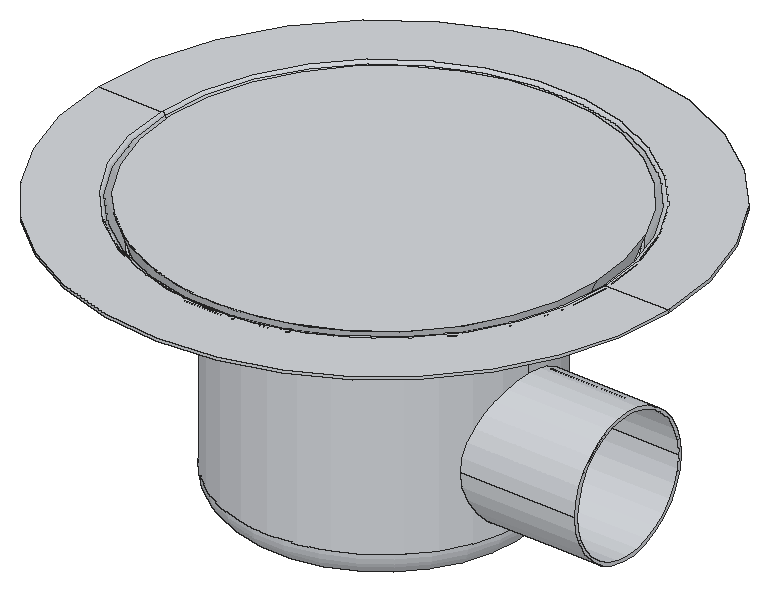
Revit family "S-399_Horizontal", category Aparatos sanitarios, Revit 2015
Parameters (values of type "S-399_Horizontal_ABS Blanco")
  WFU = 1
  URL = "http://www.jimten.com/es/producto/328/sumidero-para-suelo-vinilico-salida-horizontal"
  Sello hidráulico = "50 mm"  # constant formula
  Salida = "50M"  # constant formula
  Rejilla = INOX AISI304
  Referencia = "12448"  # constant formula
  Modelo = "S-399"  # constant formula
  Medida = "Ø160 mm"  # constant formula
  Material = ABS (Blanco)
  Fabricante = "Jimten"  # constant formula
  Diámetro = 50 mm
  Descripción = "SUMIDERO PARA SUELOS DE VINILO, SIFON EXTRAIBLE, CON FILTRO DE PELOS, SALIDA HORIZONTAL, CON REJILLA, ANTIVANDÁLICO"  # constant formula
  Comentarios de tipo = "CON PRENSATELAS PARA LÁMINAS IMPERMEABILIZANTES DE VINILO. CON TAPA DE PROTECCION DE OBRA"  # constant formula
  Clase de carga = "K3"  # constant formula
  Caudal = 0.96 L/s  # constant formula
  Altura total mínima = "100 mm"  # constant formula
Reference planes
  plane 1 "Center (Front/Back)": y = 0
  plane 2: z = 0
  plane 3 "Center (Left/Right)": x = 0
Dimensions and locks
  aligned and locked: level to plane 2
  aligned and locked: level to nested 1
Nested families
  nested 1: "S-399-OutletHorizontal" at (0, 0, 0), type "S-399-OutletHorizontal"
  nested 2: "S-399-Rejilla" at (0, 0, 0), type "S-399-Rejilla"
Connectors
  piping at (92.509, 0, -65), diameter 50, driven by "Diámetro", driven by "WFU", driven by "Caudal"
    settings: on nested 1, index 1, connector inside diameter 609.6 mm, connector length 0 mm, flow factor 0, pipe flow 0.96 L/s, pressure drop 0.0 Pa, fitting loss kfactor 0, connector angle 0.00°, fixture units 1, engagement length 0 mm, angle of deflection 0.00°, flow configuration 0, flow direction 2, fitting loss method 0, system type 16, joint type 0, gender type 0, connector reference index -1, connector utility 0, adjustable connector yes, is connector primary yes, connector description ""
Definition of nested family "S-399-OutletHorizontal"
  Parameters (values of type "S-399-OutletHorizontal")
    MaterialOutlet = none
  Reference planes
    plane 1 "Center (Front/Back)": y = 0
    plane 2: z = 0
    plane 3 "Center (Left/Right)": x = 0
    plane 4: z = -100
    plane 5: z = -113
    plane 6: x = -25
    plane 7: x = 25
    plane 8: z = -65
    plane 9: x = 92.509
  Forms (mm)
    Revolve 1, solid
      sketch origin (0, 0, 0) x (1, 0, 0) y (0, 0, 1)
        loop
          arc (55, -16.606) -> (55.293, -15.899) -> (56, -15.606) r 1
          line (56, -15.606) -> (76.629, -15.606)
          arc (76.629, -15.606) -> (77.434, -15.366) -> (77.976, -14.724) r 1.469
          line (77.976, -14.724) -> (83.69, -1.601)
          arc (83.69, -1.601) -> (84.059, -1.164) -> (84.607, -1) r 1
          line (84.607, -1) -> (108, -1) -> (108, 0) -> (84.31, 0)
          arc (84.31, 0) -> (83.489, -0.245) -> (82.936, -0.899) r 1.5
          line (82.936, -0.899) -> (77.198, -14.007)
          arc (77.198, -14.007) -> (76.829, -14.443) -> (76.282, -14.606) r 1
          line (76.282, -14.606) -> (56, -14.606)
          arc (56, -14.606) -> (54.586, -15.192) -> (54, -16.606) r 2
          line (54, -16.606) -> (54, -90)
          arc (54, -90) -> (51.364, -96.364) -> (45, -99) r 9
          line (45, -99) -> (0, -99) -> (0, -100) -> (45, -100)
          arc (45, -100) -> (52.071, -97.071) -> (55, -90) r 10
          line (55, -90) -> (55, -16.606)
        axis (0, 0) -> (0, -100)
      angle from 0 to 360
    Revolve 2, solid
      sketch origin (-6.158, -0.419, 0) x (1, 0, 0) y (0, 0, 1)
        loop
          line (75.98, -18) -> (75.98, -10.167) -> (73.872, -15.009)
          arc (73.872, -15.009) -> (73.503, -15.446) -> (72.955, -15.609) r 1
          line (72.955, -15.609) -> (61.5, -15.609)
          arc (61.5, -15.609) -> (60.793, -15.902) -> (60.5, -16.609) r 1
          line (60.5, -16.609) -> (60.5, -28) -> (65.98, -28)
          arc (65.98, -28) -> (73.051, -25.071) -> (75.98, -18) r 10
        axis (0, -10.167) -> (0, -28)
      angle from 0 to 7
    Revolve 3, solid
      sketch origin (0.419, -6.158, 0) x (0, 1, 0) y (0, 0, 1)
        loop
          line (75.98, -18) -> (75.98, -10.167) -> (73.872, -15.009)
          arc (73.872, -15.009) -> (73.503, -15.446) -> (72.955, -15.609) r 1
          line (72.955, -15.609) -> (61.5, -15.609)
          arc (61.5, -15.609) -> (60.793, -15.902) -> (60.5, -16.609) r 1
          line (60.5, -16.609) -> (60.5, -28) -> (65.98, -28)
          arc (65.98, -28) -> (73.051, -25.071) -> (75.98, -18) r 10
        axis (0, -10.167) -> (0, -28)
      angle from 0 to 7
    Revolve 4, solid
      sketch origin (6.158, 0.419, 0) x (-1, 0, 0) y (0, 0, 1)
        loop
          line (75.98, -18) -> (75.98, -10.167) -> (73.872, -15.009)
          arc (73.872, -15.009) -> (73.503, -15.446) -> (72.955, -15.609) r 1
          line (72.955, -15.609) -> (61.5, -15.609)
          arc (61.5, -15.609) -> (60.793, -15.902) -> (60.5, -16.609) r 1
          line (60.5, -16.609) -> (60.5, -28) -> (65.98, -28)
          arc (65.98, -28) -> (73.051, -25.071) -> (75.98, -18) r 10
        axis (0, -10.167) -> (0, -28)
      angle from 0 to 7
    Revolve 5, solid
      sketch origin (-0.419, 6.158, 0) x (0, -1, 0) y (0, 0, 1)
        loop
          line (75.98, -18) -> (75.98, -10.167) -> (73.872, -15.009)
          arc (73.872, -15.009) -> (73.503, -15.446) -> (72.955, -15.609) r 1
          line (72.955, -15.609) -> (61.5, -15.609)
          arc (61.5, -15.609) -> (60.793, -15.902) -> (60.5, -16.609) r 1
          line (60.5, -16.609) -> (60.5, -28) -> (65.98, -28)
          arc (65.98, -28) -> (73.051, -25.071) -> (75.98, -18) r 10
        axis (0, -10.167) -> (0, -28)
      angle from 0 to 7
    Extrusion 6, solid
      sketch origin (0, 0, 0) x (0, 1, 0) y (0, 0, 1)
        loop
          circle (0, -65) r 25
        loop
          circle (0, -65) r 24
      from 45.851 to 92.509
  Cuts and joins
    joined: Revolve 1, Extrusion 6
  Dimensions and locks
    level to plane 4 = 100 mm
    plane 7 to plane 6 = 50 mm
    plane 8 to plane 4 = 35 mm  (x2)
    diameter of Extrusion 6 sketch curve = 50 mm
    aligned and locked: level to plane 2
    aligned and locked: plane 8 to Extrusion 6 sketch curve  (x2)
    aligned and locked: plane 9 to Extrusion 6
Definition of nested family "S-399-Rejilla"
  Parameters (values of type "S-399-Rejilla")
    MaterialRejilla = none
  Reference planes
    plane 1 "Center (Front/Back)": y = 0
    plane 2: z = 0
    plane 3 "Center (Left/Right)": x = 0
    plane 4: z = -15
    plane 5 "DetalleRejilla": z = 1
  Forms (mm)
    Blend 1, solid
      base sketch origin (-125.198, -1524, -15) x (-1, 0, 0) y (0, -1, 0)
        loop
          circle (-125.198, -1524) r 75
      top sketch origin (-125.198, -1524, -15) x (-1, 0, 0) y (0, -1, 0)
        loop
          circle (-125.198, -1524) r 80.5
      from 0 to 15
  Lines and regions (mm)
    model lines, detail levels medium+fine
      curve 1: line (-54.991, 1, 1) -> (-34.986, 1, 1)
      curve 2: line (-34.986, -1, 1) -> (-54.991, -1, 1)
      curve 3: line (-38.177, 39.592, 1) -> (-24.032, 25.446, 1)
      curve 4: line (-25.446, 24.032, 1) -> (-39.592, 38.177, 1)
      curve 5: line (-39.592, -38.177, 1) -> (-25.446, -24.032, 1)
      curve 6: line (-24.032, -25.446, 1) -> (-38.177, -39.592, 1)
      curve 7: line (54.991, 1, 1) -> (34.986, 1, 1)
      curve 8: line (34.986, -1, 1) -> (54.991, -1, 1)
      curve 9: line (38.177, 39.592, 1) -> (24.032, 25.446, 1)
      curve 10: line (25.446, 24.032, 1) -> (39.592, 38.177, 1)
      curve 11: line (39.592, -38.177, 1) -> (25.446, -24.032, 1)
      curve 12: line (24.032, -25.446, 1) -> (38.177, -39.592, 1)
      curve 13: line (-1, 34.986, 1) -> (-1, 54.991, 1)
      curve 14: line (1, 54.991, 1) -> (1, 34.986, 1)
      curve 15: line (1, -34.986, 1) -> (1, -54.991, 1)
      curve 16: line (-1, -54.991, 1) -> (-1, -34.986, 1)
      curve 17: line (-9.312, -2, 1) -> (-15.312, -2, 1)
      curve 18: line (-9.312, -8, 1) -> (-9.312, -2, 1)
      curve 19: line (-15.312, -8, 1) -> (-9.312, -8, 1)
      curve 20: line (-15.312, -2, 1) -> (-15.312, -8, 1)
      curve 21: line (-2.375, 29.125, 1) -> (-8.375, 29.125, 1)
      curve 22: line (-2.375, 23.174, 1) -> (-2.375, 29.125, 1)
      curve 23: line (-8.375, 29.125, 1) -> (-8.375, 23.174, 1)
      curve 24: line (-8.375, 23.174, 1) -> (-2.375, 23.174, 1)
      curve 25: line (-17.954, 26, 1) -> (-11.954, 26, 1)
      curve 26: line (-17.954, 20.049, 1) -> (-17.954, 26, 1)
      curve 27: line (-11.954, 26, 1) -> (-11.954, 20.049, 1)
      curve 28: line (-11.954, 20.049, 1) -> (-17.954, 20.049, 1)
      curve 29: line (-22.549, 8.326, 1) -> (-28.549, 8.326, 1)
      curve 30: line (-22.549, 2.375, 1) -> (-22.549, 8.326, 1)
      curve 31: line (-28.549, 8.326, 1) -> (-28.549, 2.375, 1)
      curve 32: line (-28.549, 2.375, 1) -> (-22.549, 2.375, 1)
      curve 33: line (-19.648, 17.985, 1) -> (-25.648, 17.985, 1)
      curve 34: line (-19.648, 12.034, 1) -> (-19.648, 17.985, 1)
      curve 35: line (-25.648, 17.985, 1) -> (-25.648, 12.034, 1)
      curve 36: line (-25.648, 12.034, 1) -> (-19.648, 12.034, 1)
      curve 37: line (2.375, 29.125, 1) -> (8.375, 29.125, 1)
      curve 38: line (2.375, 23.174, 1) -> (2.375, 29.125, 1)
      curve 39: line (8.375, 29.125, 1) -> (8.375, 23.174, 1)
      curve 40: line (8.375, 23.174, 1) -> (2.375, 23.174, 1)
      curve 41: line (17.954, 26, 1) -> (11.954, 26, 1)
      curve 42: line (17.954, 20.049, 1) -> (17.954, 26, 1)
      curve 43: line (11.954, 26, 1) -> (11.954, 20.049, 1)
      curve 44: line (11.954, 20.049, 1) -> (17.954, 20.049, 1)
      curve 45: line (22.549, 8.326, 1) -> (28.549, 8.326, 1)
      curve 46: line (22.549, 2.375, 1) -> (22.549, 8.326, 1)
      curve 47: line (28.549, 8.326, 1) -> (28.549, 2.375, 1)
      curve 48: line (28.549, 2.375, 1) -> (22.549, 2.375, 1)
      curve 49: line (19.648, 17.985, 1) -> (25.648, 17.985, 1)
      curve 50: line (19.648, 12.034, 1) -> (19.648, 17.985, 1)
      curve 51: line (25.648, 17.985, 1) -> (25.648, 12.034, 1)
      curve 52: line (25.648, 12.034, 1) -> (19.648, 12.034, 1)
      curve 53: line (2.375, -29.125, 1) -> (8.375, -29.125, 1)
      curve 54: line (2.375, -23.174, 1) -> (2.375, -29.125, 1)
      curve 55: line (8.375, -29.125, 1) -> (8.375, -23.174, 1)
      curve 56: line (8.375, -23.174, 1) -> (2.375, -23.174, 1)
      curve 57: line (17.954, -26, 1) -> (11.954, -26, 1)
      curve 58: line (17.954, -20.049, 1) -> (17.954, -26, 1)
      curve 59: line (11.954, -26, 1) -> (11.954, -20.049, 1)
      curve 60: line (11.954, -20.049, 1) -> (17.954, -20.049, 1)
      curve 61: line (22.549, -8.326, 1) -> (28.549, -8.326, 1)
      curve 62: line (22.549, -2.375, 1) -> (22.549, -8.326, 1)
      curve 63: line (28.549, -8.326, 1) -> (28.549, -2.375, 1)
      curve 64: line (28.549, -2.375, 1) -> (22.549, -2.375, 1)
      curve 65: line (19.648, -17.985, 1) -> (25.648, -17.985, 1)
      curve 66: line (19.648, -12.034, 1) -> (19.648, -17.985, 1)
      curve 67: line (25.648, -17.985, 1) -> (25.648, -12.034, 1)
      curve 68: line (25.648, -12.034, 1) -> (19.648, -12.034, 1)
      curve 69: line (-2.375, -15.563, 1) -> (-8.375, -15.563, 1)
      curve 70: line (-2.375, -9.563, 1) -> (-2.375, -15.563, 1)
      curve 71: line (-8.375, -9.563, 1) -> (-2.375, -9.563, 1)
      curve 72: line (-8.375, -15.563, 1) -> (-8.375, -9.563, 1)
      curve 73: line (-2.375, -29.125, 1) -> (-8.375, -29.125, 1)
      curve 74: line (-2.375, -23.174, 1) -> (-2.375, -29.125, 1)
      curve 75: line (-8.375, -29.125, 1) -> (-8.375, -23.174, 1)
      curve 76: line (-8.375, -23.174, 1) -> (-2.375, -23.174, 1)
      curve 77: line (-17.954, -26, 1) -> (-11.954, -26, 1)
      curve 78: line (-17.954, -20.049, 1) -> (-17.954, -26, 1)
      curve 79: line (-11.954, -26, 1) -> (-11.954, -20.049, 1)
      curve 80: line (-11.954, -20.049, 1) -> (-17.954, -20.049, 1)
      curve 81: line (-22.549, -8.326, 1) -> (-28.549, -8.326, 1)
      curve 82: line (-22.549, -2.375, 1) -> (-22.549, -8.326, 1)
      curve 83: line (-28.549, -8.326, 1) -> (-28.549, -2.375, 1)
      curve 84: line (-28.549, -2.375, 1) -> (-22.549, -2.375, 1)
      curve 85: line (-19.648, -17.985, 1) -> (-25.648, -17.985, 1)
      curve 86: line (-19.648, -12.034, 1) -> (-19.648, -17.985, 1)
      curve 87: line (-25.648, -17.985, 1) -> (-25.648, -12.034, 1)
      curve 88: line (-25.648, -12.034, 1) -> (-19.648, -12.034, 1)
      curve 89: line (2.375, -15.563, 1) -> (8.375, -15.563, 1)
      curve 90: line (2.375, -9.563, 1) -> (2.375, -15.563, 1)
      curve 91: line (8.375, -9.563, 1) -> (2.375, -9.563, 1)
      curve 92: line (8.375, -15.563, 1) -> (8.375, -9.563, 1)
      curve 93: line (9.312, -2, 1) -> (15.312, -2, 1)
      curve 94: line (9.312, -8, 1) -> (9.312, -2, 1)
      curve 95: line (15.312, -8, 1) -> (9.312, -8, 1)
      curve 96: line (15.312, -2, 1) -> (15.312, -8, 1)
      curve 97: line (-9.312, 2, 1) -> (-15.312, 2, 1)
      curve 98: line (-9.312, 8, 1) -> (-9.312, 2, 1)
      curve 99: line (-15.312, 8, 1) -> (-9.312, 8, 1)
      curve 100: line (-15.312, 2, 1) -> (-15.312, 8, 1)
      curve 101: line (-2.375, 15.563, 1) -> (-8.375, 15.563, 1)
      curve 102: line (-2.375, 9.563, 1) -> (-2.375, 15.563, 1)
      curve 103: line (-8.375, 9.563, 1) -> (-2.375, 9.563, 1)
      curve 104: line (-8.375, 15.563, 1) -> (-8.375, 9.563, 1)
      curve 105: line (2.375, 15.563, 1) -> (8.375, 15.563, 1)
      curve 106: line (2.375, 9.563, 1) -> (2.375, 15.563, 1)
      curve 107: line (8.375, 9.563, 1) -> (2.375, 9.563, 1)
      curve 108: line (8.375, 15.563, 1) -> (8.375, 9.563, 1)
      curve 109: line (9.312, 2, 1) -> (15.312, 2, 1)
      curve 110: line (9.312, 8, 1) -> (9.312, 2, 1)
      curve 111: line (15.312, 8, 1) -> (9.312, 8, 1)
      curve 112: line (15.312, 2, 1) -> (15.312, 8, 1)
      curve 113: arc (-54.991, -1, 1) -> (-50.813, -21.048, 1) -> (-39.592, -38.177, 1) r 55
      curve 114: arc (-34.986, -1, 1) -> (-32.336, -13.394, 1) -> (-25.446, -24.032, 1) r 35
      curve 115: arc (-39.592, 38.177, 1) -> (-50.813, 21.048, 1) -> (-54.991, 1, 1) r 55
      curve 116: arc (-25.446, 24.032, 1) -> (-32.336, 13.394, 1) -> (-34.986, 1, 1) r 35
      curve 117: arc (-1, 54.991, 1) -> (-21.048, 50.813, 1) -> (-38.177, 39.592, 1) r 55
      curve 118: arc (-1, 34.986, 1) -> (-13.394, 32.336, 1) -> (-24.032, 25.446, 1) r 35
      curve 119: arc (24.032, 25.446, 1) -> (13.394, 32.336, 1) -> (1, 34.986, 1) r 35
      curve 120: arc (38.177, 39.592, 1) -> (21.048, 50.813, 1) -> (1, 54.991, 1) r 55
      curve 121: arc (34.986, 1, 1) -> (32.336, 13.394, 1) -> (25.446, 24.032, 1) r 35
      curve 122: arc (54.991, 1, 1) -> (50.813, 21.048, 1) -> (39.592, 38.177, 1) r 55
      curve 123: arc (39.592, -38.177, 1) -> (50.813, -21.048, 1) -> (54.991, -1, 1) r 55
      curve 124: arc (25.446, -24.032, 1) -> (32.336, -13.394, 1) -> (34.986, -1, 1) r 35
      curve 125: arc (1, -54.991, 1) -> (21.048, -50.813, 1) -> (38.177, -39.592, 1) r 55
      curve 126: arc (1, -34.986, 1) -> (13.394, -32.336, 1) -> (24.032, -25.446, 1) r 35
      curve 127: arc (-24.032, -25.446, 1) -> (-13.394, -32.336, 1) -> (-1, -34.986, 1) r 35
      curve 128: arc (-38.177, -39.592, 1) -> (-21.048, -50.813, 1) -> (-1, -54.991, 1) r 55
      curve 129: circle (0, 0, 1) r 80.5 normal (0, 0, -1)
  Dimensions and locks
    plane 4 to plane 2 = 15 mm
    plane 5 "DetalleRejilla" to plane 2 = 1 mm
    aligned and locked: level to plane 2
    aligned and locked: level to Blend 1
